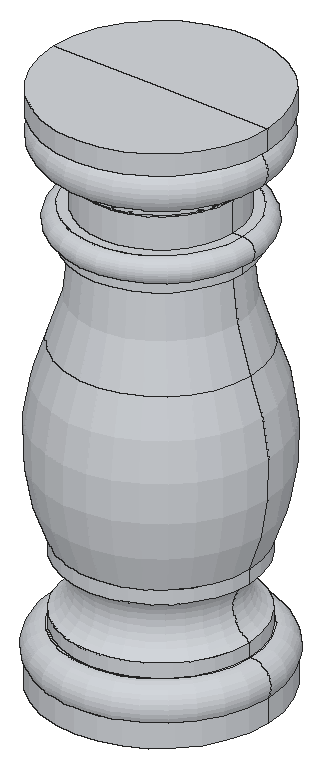
Revit family
Parameters (values of type "Balustrade G20")
  Width = 0' - 8 1/8"
  URL = "www.strombergarchitectural.com"
  Top Material = none
  Submittal Sheet = "www.strombergarchitectural.com/images/materials/gfrc/submittal/gfrc-submittal-sheet.pdf"
  Specifications = "www.strombergarchitectural.com/gfrcspecifications"
  Model Cut-sheet = "http://www.strombergarchitectural.com/products/balustrade/design/G20"
  Model = "Balustrade G20"
  Manufacturer = "Stromberg Architectural Products"
  Guidebook = "www.strombergarchitectural.com/images/materials/gfrc/handbooks/gfrc_guidebook.pdf   \r\n(http://www.strombergarchitectural.com/images/materials/gfrc/handbooks/gfrc_guidebook.pdf"
  Description = "GFRC Baluster"
  Assembly Code = ""
  Height = 1' - 8"
  XXX.5 = no
  XXX.4 = no
  XXX.3 = no
  XXX.2 = no
  XXX.1 = yes
Reference planes (in)
  plane 1 "Center (Front/Back)": y = 3.74847
  plane 2: z = 0
  plane 3 "Center (Left/Right)": x = 0.7278
  plane 4 "Front": y = -3.25153
  plane 5 "Back": y = 10.74847
  plane 6 "Left": x = -17.2722
  plane 7 "Right": x = 18.7278
Forms (in)
  Revolve 1, solid
    sketch origin (0, 3.74847, 0) x (1, 0, 0) y (0, 0, 1)
      loop
        line (0.7278, 20.25) -> (-3.3347, 20.25) -> (-3.3347, 19.5) -> (-2.5847, 19.5)
        arc (-2.5847, 19.5) -> (-3.3347, 18.75) -> (-2.5847, 18) r 0.75
        line (-2.5847, 18) -> (-2.1472, 18) -> (-2.1472, 17.5)
        arc (-2.1472, 17.5) -> (-2.05881, 17.46339) -> (-2.0222, 17.375) r 0.125
        line (-2.0222, 17.375) -> (-2.0222, 16.25) -> (-2.3972, 16.25)
        arc (-2.3972, 16.25) -> (-2.8347, 15.8125) -> (-2.3972, 15.375) r 0.4375
        line (-2.3972, 15.375) -> (-2.3972, 15) -> (-2.0222, 15) -> (-2.0222, 14.87111)
        arc (-2.0222, 14.87111) -> (-2.19596, 13.2128) -> (-2.7097, 11.62652) r 8
        arc (-2.7097, 11.62652) -> (-3.39684, 8.30649) -> (-2.6472, 5) r 8
        line (-2.6472, 5) -> (-2.6472, 4.5)
        arc (-2.6472, 4.5) -> (-2.0222, 3.5) -> (-2.6472, 2.5) r 1.1125
        line (-2.6472, 2.5) -> (-2.6472, 2) -> (-2.71643, 2)
        arc (-2.71643, 2) -> (-3.36595, 1.625) -> (-3.36595, 0.875) r 0.75
        line (-3.36595, 0.875) -> (-3.36595, 0) -> (0.7278, 0) -> (0.7278, 20.25)
      axis (0.7278, 20.25) -> (0.7278, 0)
    angle from 0 to 360
Dimensions and locks (in)
  aligned and locked: level to plane 2
